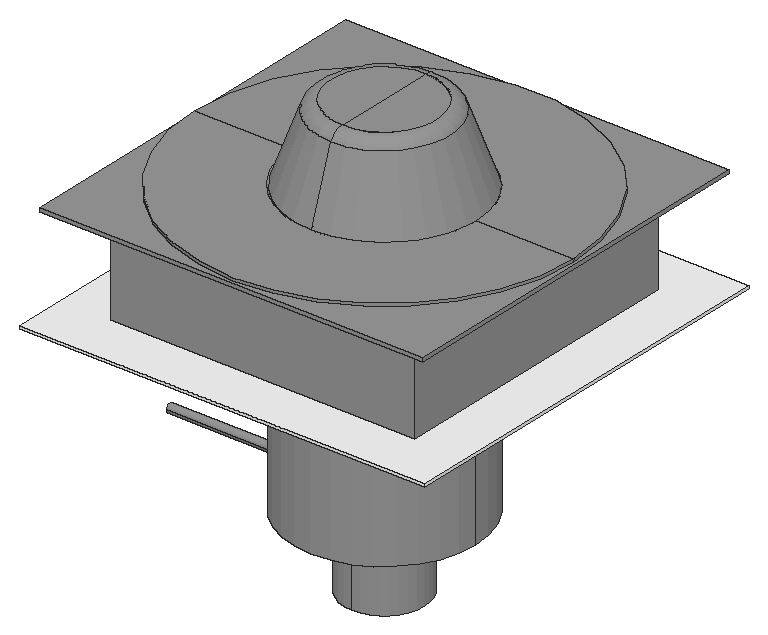
Revit family "HL_RU_Roof drain_HL63.1P-B-221103", category Sanitärinstallationen, Revit 2020
Family settings
  Bemaßung runder Anschluss = Durchmesser verwenden
  Teiletyp = Normal
  OmniClass-Nummer = 23.70.50.21.24.14
  OmniClass-Titel = Deck Waste Water Drains
  Arbeitsebenenbasiert = Nein
  Immer vertikal = Ja
  Beim Laden mit Abzugskörper schneiden = Nein
  Gemeinsam genutzt = Nein
  Raumberechnungspunkt = Ja
Parameters (values of type "HL_Кровельная воронка_HL63.1P_7")
  РЕШЁТКА = "Laubfangkorb d 145 mm"
  РАЗМЕР = "DN75"
  ПРОПУСКНАЯ СПОСОБНОСТЬ [instance] = 0.0 L/s
  ПРОИЗВОДИТЕЛЬНОСТЬ = "6,48 l/s"
  ПРАВОВАЯ ИНФОРМАЦИЯ = "Авторские права(©), права на дизайн или какие либо другие права интелектуальной собственности являются исключительной собственностью компании HL Hutterer & Lechner. Изменению не подлежит. Файл семейства с данными о прозводителе изделия защищен паролем с водяным знаком."
  НОМИНАЛЬНЫЙ ДИАМЕТР = 75 mm
  МАТЕРИАЛ = "PP/PVC"
  ВЫСОТА МОНТАЖА = "266_326 mm"
  ВЕС = "2,9 [kg]"
  Vorgabe-Ansicht = 0 mm
  Hersteller = "HL Hutterer & Lechner GmbH"  # constant formula
  URL = "http://www.hutterer-lechner.com/ru/products/catalog/roof-drains/HL63.1P/7.aspx"
  Материал плитка [instance] = none
  Lüftungsverbindung = no
  Abwasserrohrverbindung = yes
  HW-Verbindung = no
  KW-Verbindung = no
  Beschreibung = "Кровельные воронки"
  Model = "HL63.1P_7"
  Assembly Code = " "
  Typenkommentare = "HL63.1P/7 Кровельная воронка DrainBox DN75 с ПВХ_консолью и с электроподогревом (10_30Вт/230В),"
  Keynote = "HL63.1P_7"
  Bысота монтажа [instance] = 100 mm  # constant formula
  G [instance] = 180.00°  # constant formula
  EAN = "9003076806355"
  D [instance] = 236 mm
  C [instance] = if(Bысота монтажа - 68 mm < 0 mm, 0 mm, Bысота монтажа - 68 mm)  # 32 mm
  B [instance] = 100 mm  # constant formula
  A [instance] = if(B - 100 mm > 15 mm, B - 100 mm, 15 mm)  # 15 mm
Types (4, lengths in mm): name | РАЗМЕР | ПРОИЗВОДИТЕЛЬНОСТЬ | НОМИНАЛЬНЫЙ ДИАМЕТР | ВЕС | URL | Model | Typenkommentare | Keynote | EAN
  (no name) | "DN75" | "6,48 l/s" | 75 | "2,9 [kg]" | "http://www.hutterer-lechner.com/ru/products/catalog/roof-drains/HL63.1P/7.aspx" | "HL63.1P_7" | "HL63.1P/7 Кровельная воронка DrainBox DN75 с ПВХ_консолью и с электроподогревом (10_30Вт/230В)," | "HL63.1P_7" | "9003076806355"
  HL_Кровельная воронка_HL63.1P_1 | "DN110" | "5,82 l/s" | 110 | "2,92 [kg]" | "http://www.hutterer-lechner.com/ru/products/catalog/roof-drains/HL63.1P/1.aspx" | "HL63.1P_1" | "HL63.1P/1 Кровельная воронка DrainBox DN110 с ПВХ_консолью и с электроподогревом (10_30Вт/230В)," | "HL63.1P_1" | "9003076816354"
  HL_Кровельная воронка_HL63.1P_2 | "DN125" | "9,25 l/s" | 125 | "2,94 [kg]" | "http://www.hutterer-lechner.com/ru/products/catalog/roof-drains/HL63.1P/2.aspx" | "HL63.1P_2" | "HL63.1P/2 Кровельная воронка DrainBox DN125 с ПВХ_консолью и с электроподогревом (10_30Вт/230В)," | "HL63.1P_2" | "9003076826353"
  HL_Кровельная воронка_HL63.1P_7 | "DN75" | "6,48 l/s" | 75 | "2,9 [kg]" | "http://www.hutterer-lechner.com/ru/products/catalog/roof-drains/HL63.1P/7.aspx" | "HL63.1P_7" | "HL63.1P/7 Кровельная воронка DrainBox DN75 с ПВХ_консолью и с электроподогревом (10_30Вт/230В)," | "HL63.1P_7" | "9003076806355"
Reference planes
  plane 1 "Center (Front/Back)": y = 0
  plane 2: z = 0
  plane 3 "Center (Left/Right)": x = 0
  plane 4: z = -100
  plane 5: z = -100
Lines and regions (mm)
  model lines, style "InvisibleLines"
    curve 1: line (0, 0, 0) -> (0, 0, 20)
  model lines, style "PlumbingFixtures", detail levels coarse+medium
    curve 2: line (0, 0, -100) -> (0, 0, -85)
    curve 3: line (0, 0, -85) -> (-85, 0, 0)
    curve 4: line (0, 0, -85) -> (85, 0, 0)
    curve 6: line (0, 0, -100) -> (0, 0, -336)
  reference lines, not visible
    curve 5: line (0, 0, -100) -> (0, 0, -336)
  symbolic lines, style "PlumbingFixtures", detail levels coarse+medium
    curve 7: line (-75, 75, 0) -> (75, 75, 0)
    curve 8: line (-75, -75, 0) -> (-75, 75, 0)
    curve 9: line (75, -75, 0) -> (-75, -75, 0)
    curve 10: line (75, 75, 0) -> (75, -75, 0)
    curve 11: line (-75, 75, 0) -> (-145.711, 145.711, 0)
    curve 12: line (75, 75, 0) -> (145.711, 145.711, 0)
    curve 13: line (-75, -75, 0) -> (-145.711, -145.711, 0)
    curve 14: line (75, -75, 0) -> (145.711, -145.711, 0)
  symbolic lines, style "PlumbingFixtures", not visible, detail levels coarse+medium
    curve 15: line (-75, 75, 0) -> (75, 75, 0)
    curve 16: line (-75, -75, 0) -> (-75, 75, 0)
    curve 17: line (75, -75, 0) -> (-75, -75, 0)
    curve 18: line (75, 75, 0) -> (75, -75, 0)
    curve 19: line (-75, 75, 0) -> (-145.711, 145.711, 0)
    curve 20: line (75, 75, 0) -> (145.711, 145.711, 0)
    curve 21: line (-75, -75, 0) -> (-145.711, -145.711, 0)
    curve 22: line (75, -75, 0) -> (145.711, -145.711, 0)
Text (mm)
  text "FLOOR" at (-162.344, 0, -10.979), in view "Drain Construction View"
Dimensions and locks
  "B": plane 2 to plane 4
  "Bысота монтажа": plane 2 to plane 5
  "A": curve 4 to plane 4
  "D": curve 5 to curve 5
  "D": curve 6 to curve 6
  locked: curve 4 to plane 3 "Center (Left/Right)" (angle 45.00°)
  locked: plane 3 "Center (Left/Right)" to curve 3 (angle 45.00°)
  "G": angle curve 5 to plane 3 "Center (Left/Right)"
  aligned and locked: level to plane 2
  aligned and locked: plane 2 to curve 4
  aligned and locked: plane 2 to curve 3
  aligned and locked: plane 4 to curve 5
  aligned and locked: plane 3 "Center (Left/Right)" to curve 5
  aligned and locked: plane 4 to curve 2
  aligned and locked: curve 6 to plane 3 "Center (Left/Right)"
  aligned and locked: curve 6 to plane 4
  aligned and locked: nested 1 to plane 2
  aligned and locked: nested 1 to plane 3 "Center (Left/Right)"
  aligned and locked: plane 2 to nested 2
  aligned and locked: plane 3 "Center (Left/Right)" to nested 2
Automatic sketch dimensions
  curve 2 to plane 3 "Center (Left/Right)" = 0 mm
  curve 1 to plane 3 "Center (Left/Right)" = 0 mm
  curve 1 to level = 0 mm
  level to curve 1 = 20 mm
Nested families
  nested 1: "HL_кровельные воронки - корпус_HL63.1P" at (0, 0, 0) x (0, -1, 0) z (0, 0, 1), Bысота Монтажа <- "Bысота монтажа", НОМИНАЛЬНЫЙ ДИАМЕТР <- "НОМИНАЛЬНЫЙ ДИАМЕТР", type "HL_кровельные воронки - корпус_HL63.1P"
    with НОМИНАЛЬНЫЙ ДИАМЕТР 75 mm, L2 2.5 mm, L 100 mm, IHmin 266 mm, IHmax 326 mm, Bысота Монтажа 100 mm
  nested 2: "HL_Вспомогательные материалы-Противопожарная защита_HL062.1E" at (0, 0, 0), type "HL_Вспомогательные материалы-Противопожарная защита_HL062.1E"
Connectors
  piping at (0, 0, -336), diameter 75, driven by "ПРОПУСКНАЯ СПОСОБНОСТЬ", driven by "НОМИНАЛЬНЫЙ ДИАМЕТР"
    settings: on curve 5, index 1, connector inside diameter 609.6 mm, connector length 0 mm, flow factor 0, pipe flow 0.0 L/s, pressure drop 0.0 Pa, fitting loss kfactor 0, connector angle 0.00°, fixture units 0, engagement length 0 mm, angle of deflection 0.00°, flow configuration 1, flow direction 2, fitting loss method 0, system type 16, joint type 0, gender type 0, connector reference index -1, connector utility 0, adjustable connector yes, is connector primary yes, connector description ""
Definition of nested family "HL_кровельные воронки - корпус_HL63.1P"
  Parameters (values of type "HL_кровельные воронки - корпус_HL63.1P")
    НОМИНАЛЬНЫЙ ДИАМЕТР [instance] = 110 mm
    Default Elevation = 0 mm
    Manufacturer = ""
    URL = ""
    Description = ""
    Model = ""
    L2 [instance] = if((L = 0 mm), 0 mm, 2.5 mm)  # 2.5 mm
    L [instance] = if(Bысота Монтажа < (IHmin - 166 mm), 0 mm, if(Bысота Монтажа > (IHmax - 166 mm) + 0.1 mm, 0 mm, Bысота Монтажа + 0 mm))  # 100 mm
    Type Comments = ""
    Bысота Монтажа [instance] = 100 mm
    IHmin [instance] = 266 mm
    IHmax [instance] = 326 mm
    Cost = 0
  Reference planes
    plane 1 "Střed (vpředu/vzadu)": y = 0
    plane 2: z = 0
    plane 3 "Střed (vlevo/vpravo)": x = 0
  Forms (mm)
    Revolve 1, solid, detail levels fine
      sketch origin (0, 0, 0) x (0, 1, 0) y (0, 0, 1)
        loop
          line (-86.032, 3.644) -> (-176.924, 3.644) -> (-176.924, 1.144) -> (-83.433, 1.144) -> (-81.597, -0.691) -> (-81.597, -19.259) -> (-76.5, -24.356) -> (-73.951, -24.356) -> (-73.951, -23.352) -> (-79.05, -18.253) -> (-79.05, -0.387) -> (-86.032, 3.644)
        axis (0, 3.644) -> (0, -24.356)
      angle from 0 to 360
    Extrusion 2, solid, detail levels fine
      sketch origin (0, 0, 0) x (1, 0, 0) y (0, 1, 0)
        loop
          line (-179, 179) -> (-179, -179) -> (179, -179) -> (179, 179) -> (-179, 179)
        loop
          circle (0, 0) r 86.032
      from 0 to -3
    Extrusion 3, solid, detail levels fine
      sketch origin (0, 0, -3) x (0, 1, 0) y (1, 0, 0)
        loop
          line (142, -142) -> (142, 142) -> (-142, 142) -> (-142, -142) -> (142, -142)
        loop
          line (135.446, 135.511) -> (-136.22, 135.511) -> (-136.22, -136.112) -> (135.446, -136.112) -> (135.446, 135.511)
      from 0 to 94
    Extrusion 4, solid, detail levels fine
      sketch origin (0, 189, -100) x (0, -1, 0) y (1, 0, 0)
        loop
          line (0, 189) -> (0, -189) -> (378, -189) -> (378, 189) -> (0, 189)
      from 0 to 2.5 <- "L2"
    Extrusion 5, solid, detail levels fine
      sketch origin (0, 189, -97.5) x (0, -1, 0) y (1, 0, 0)
        loop
          line (324.811, 135.446) -> (53.189, 135.446) -> (53.189, -136.22) -> (324.811, -136.22) -> (324.811, 135.446)
        loop
          line (60.24, -128.928) -> (318.378, -128.928) -> (318.378, 129.536) -> (60.24, 129.536) -> (60.24, -128.928)
      from 0 to 60
    Revolve 6, solid, detail levels fine
      sketch origin (0, 0, 0) x (0, 1, 0) y (0, 0, 1)
        loop
          line (-85.564, -28.034) -> (-85.564, -268) -> (-62.164, -268) -> (-62.164, -271.8) -> (0, -271.8) -> (0, -38.034) -> (-77.903, -38.034) -> (-77.903, -28.034) -> (-85.564, -28.034)
        axis (0, -28.034) -> (0, -271.8)
      angle from 0 to 360
    Extrusion 7, solid, detail levels fine
      sketch origin (0, 0, 0) x (1, 0, 0) y (0, 0, 1)
        loop
          circle (0, -253.419) r 4.224
      from 63.017 to 200
    Extrusion 8, solid, detail levels fine
      sketch origin (0, 0, 0) x (1, 0, 0) y (0, 1, 0)
        loop
          circle (0, 0) r 55
      from -271.8 to -336
  Lines and regions (mm)
    reference lines, not visible
      curve 1: line (0, 189, -100) -> (0, -371, -100)
  Dimensions and locks
    "L": curve 1 to plane 2
    "НОМИНАЛЬНЫЙ ДИАМЕТР": diameter of Extrusion 8 sketch curve
    aligned and locked: level to plane 2
  Automatic sketch dimensions
    Revolve 1 sketch curve to plane 1 "Střed (vpředu/vzadu)" = 0 mm
    Revolve 1 sketch curve to level = 24.356 mm
    plane 1 "Střed (vpředu/vzadu)" to Revolve 1 sketch curve = 73.951 mm
    Revolve 1 sketch curve to Revolve 1 sketch curve = 2.549 mm
    Revolve 1 sketch curve to level = 18.253 mm
    Revolve 1 sketch curve to Revolve 1 sketch curve = 2.55 mm
    Revolve 1 sketch curve to level = 19.259 mm
    Revolve 1 sketch curve to Revolve 1 sketch curve = 2.547 mm
    level to Revolve 1 sketch curve = 1.144 mm
    Revolve 1 sketch curve to Revolve 1 sketch curve = 1.836 mm
    level to Revolve 1 sketch curve = 3.644 mm
    Revolve 1 sketch curve to Revolve 1 sketch curve = 2.599 mm
    Revolve 1 sketch curve to Revolve 1 sketch curve = 90.892 mm
    Revolve 1 sketch curve to Revolve 1 sketch curve = 1.003 mm
    Revolve 1 sketch curve to level = 0.691 mm
    Revolve 1 sketch curve to level = 0.387 mm
    Revolve 1 sketch curve to Revolve 1 sketch curve = 275.644 mm
    level to Revolve 1 sketch curve = 300 mm
    plane 1 "Střed (vpředu/vzadu)" to Extrusion 2 sketch curve = 0 mm
    Extrusion 2 sketch curve to plane 3 "Střed (vlevo/vpravo)" = 0 mm
    Extrusion 2 sketch curve to plane 3 "Střed (vlevo/vpravo)" = 179 mm
    plane 3 "Střed (vlevo/vpravo)" to Extrusion 2 sketch curve = 179 mm
    plane 1 "Střed (vpředu/vzadu)" to Extrusion 2 sketch curve = 179 mm
    Extrusion 2 sketch curve to plane 1 "Střed (vpředu/vzadu)" = 179 mm
    Extrusion 2 to Extrusion 3 sketch curve = 37 mm  (x2)
    Extrusion 3 sketch curve to Extrusion 3 sketch curve = 5.78 mm
    Extrusion 2 to Extrusion 3 sketch curve = 43.554 mm
    Extrusion 3 sketch curve to Extrusion 3 sketch curve = 6.554 mm
    Extrusion 3 sketch curve to Extrusion 3 sketch curve = 6.489 mm
    Extrusion 2 to Extrusion 3 sketch curve = 42.888 mm
    Extrusion 3 sketch curve to Extrusion 3 sketch curve = 5.888 mm
    Extrusion 4 sketch curve to curve 1 = 0 mm
    Extrusion 4 sketch curve to curve 1 = 189 mm
    curve 1 to Extrusion 4 sketch curve = 189 mm
    Extrusion 4 sketch curve to curve 1 = 182 mm
    Extrusion 7 sketch curve to plane 3 "Střed (vlevo/vpravo)" = 0 mm
    Extrusion 7 sketch curve to level = 253.419 mm
    Extrusion 5 sketch curve to Extrusion 4 = 53.189 mm
    Extrusion 5 sketch curve to Extrusion 5 sketch curve = 7.051 mm
    Extrusion 5 sketch curve to Extrusion 4 = 59.622 mm
    Extrusion 5 sketch curve to Extrusion 5 sketch curve = 6.433 mm
    Extrusion 5 sketch curve to Extrusion 4 = 52.78 mm
    Extrusion 5 sketch curve to Extrusion 5 sketch curve = 7.292 mm
    Extrusion 5 sketch curve to Extrusion 4 = 59.464 mm
    Extrusion 5 sketch curve to Extrusion 5 sketch curve = 5.91 mm
    Revolve 6 sketch curve to plane 1 "Střed (vpředu/vzadu)" = 0 mm  (x2)
    plane 1 "Střed (vpředu/vzadu)" to Revolve 6 sketch curve = 62.164 mm
    Revolve 6 sketch curve to level = 38.034 mm
    plane 1 "Střed (vpředu/vzadu)" to Revolve 6 sketch curve = 77.903 mm
    Revolve 6 sketch curve to Revolve 6 sketch curve = 7.66 mm
    Revolve 6 sketch curve to Revolve 6 sketch curve = 229.966 mm
    Revolve 6 sketch curve to Revolve 6 sketch curve = 3.8 mm
    Revolve 6 sketch curve to Revolve 6 sketch curve = 10 mm
    Revolve 6 sketch curve to Revolve 6 sketch curve = 28.2 mm
    level to Revolve 6 sketch curve = 300 mm
    plane 1 "Střed (vpředu/vzadu)" to curve 1 = 371 mm
    curve 1 to plane 1 "Střed (vpředu/vzadu)" = 189 mm
    plane 1 "Střed (vpředu/vzadu)" to Extrusion 8 sketch curve = 0 mm
    Extrusion 8 sketch curve to plane 3 "Střed (vlevo/vpravo)" = 0 mm
    radius of Extrusion 2 sketch curve = 86.032 mm
    radius of Extrusion 7 sketch curve = 4.224 mm
Definition of nested family "HL_Вспомогательные материалы-Противопожарная защита_HL062.1E"
  Parameters
    ПРАВОВАЯ ИНФОРМАЦИЯ = ""
    ВЕС = "0,097 [kg]"
    Default Elevation = 0 mm
    Manufacturer = ""
    URL = ""
    Материал плитка = none
    Description = ""
    Model = ""
    Type Comments = "HL062.1E, domed plastic grate"
    Keynote = ""
    Пропускная способность [instance] = 0.0 L/s
    EAN = "9003076006212"
    Cost = 0
  Types (2, lengths in mm): name | ПРАВОВАЯ ИНФОРМАЦИЯ | Manufacturer | URL | Description | Model | Type Comments | Keynote
    (no name) | "" | "" | "" | "" | "" | "HL062.1E, domed plastic grate" | ""
    HL_Вспомогательные материалы-Противопожарная защита_HL062.1E | "Авторские права(©), права на дизайн или какие либо другие права интелектуальной собственности являются исключительной собственностью компании HL Hutterer & Lechner. Изменению не подлежит. Файл семейства с данными о прозводителе изделия защищен паролем с водяным знаком." | "HL Hutterer & Lechner GmbH" | "http://www.hutterer-lechner.com/ru/products/catalog/roof-drains/HL062.1E.aspx" | "Кровельные воронки" | "HL062.1E" | "HL062.1E, Листвоуловитель" | "HL062.1E"
  Reference planes
    plane 1 "Střed (vpředu/vzadu)": y = 0
    plane 2: z = 0
    plane 3 "Střed (vlevo/vpravo)": x = 0
  Forms (mm)
    Revolve 1, solid, detail levels fine
      sketch origin (0, 0, 0) x (0, 1, 0) y (0, 0, 1)
        loop
          line (0, 75) -> (0, 60.2) -> (47.074, 60.2) -> (68.985, 0) -> (86.249, 0) -> (61.992, 66.646)
          arc (61.992, 66.646) -> (56.733, 72.731) -> (49.016, 75) r 14.255
          line (49.016, 75) -> (0, 75)
        axis (0, 75) -> (0, 0)
      angle from 0 to 360
    Extrusion 2, solid, detail levels fine
      sketch origin (0, 0, 0) x (0, 1, 0) y (1, 0, 0)
        loop
          circle (0, 0) r 78.587
        loop
          circle (0, 0) r 70.981
      from 0 to 16.7
    Extrusion 3, solid, detail levels fine
      sketch origin (0, 0, -16.7) x (-1, 0, 0) y (0, 1, 0)
        loop
          circle (0, 0) r 70
        loop
          circle (0, 0) r 74.546
      from 0 to 12.3
  Dimensions and locks
    aligned and locked: level to plane 2
